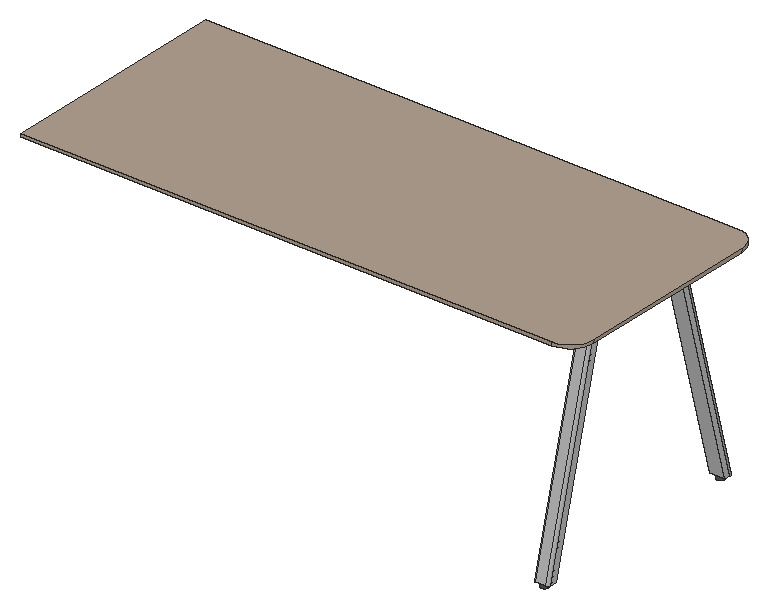
Revit family "Haworth_ActiveComponents_RectangleConvergentConferenceEnd_BUILD", category Furniture Systems, Revit 2015
Parameters (values of type "30d 72w")
  Worksurface Finish [instance] = Haworth _ Wood _ Light Maple VP-LM
  With Leg = yes
  Width = 72"
  Warranty = "https://www.haworth.com/resources/product-info/warranties"
  URL - Product = "https://www.haworth.com/products/workspaces/accessories/active-components"
  URL = "www.haworth.com"
  Thickness = 1 3/16"  # constant formula
  Radius = 3"  # constant formula
  Min. Width = 60"  # constant formula
  Min. Depth = 24"  # constant formula
  Max. Width = 72"  # constant formula
  Size = "Verify Final Dim. w/ Haworth"  # constant formula
  Revision Number = "1"  # constant formula
  Model = "WAYG"  # constant formula
  Max. Depth = 30"  # constant formula
  Manufacturer = "Haworth"  # constant formula
  Leg Finish [instance] = Haworth _ Paint _ Metallic Champagne
  Leg F/B Offset = 8"  # constant formula
  Description = "Haworth - Active Components - Rectangle Convergent Conference End"  # constant formula
  Depth = 30"
  Custom Size = not(and(or(Width = 60", Width = 72"), or(Depth = 24", Depth = 30")))  # no
  Author = "Haworth (Alias)"  # constant formula
  Assembly Code = "E2020200"
  Angled Leg Offset = 3 9/16"  # constant formula
  Actual Width = if(Width < Min. Width, Min. Width, if(Width > Max. Width, Max. Width, Width))  # 72"
  Actual Height = 29 3/16"  # constant formula
  Actual Depth = if(Depth < Min. Depth, Min. Depth, if(Depth > Max. Depth, Max. Depth, Depth))  # 30"
Types (4): name | Width | Depth | Actual Width | Actual Depth
  30d 72w | 72" | 30" | 72" | 30"
  30d 60w | 60" | 30" | 60" | 30"
  24d 72w | 72" | 24" | 72" | 24"
  24d 60w | 60" | 24" | 60" | 24"
Reference planes (in)
  plane 1: z = 0
  plane 2 "Center L/R": x = 17.5
  plane 3 "Left Edge": x = -18.5
  plane 4 "Support Top": z = 29.1875
  plane 5 "Center F/B": y = -7.86431
  plane 6 "Back": y = 7.13569
  plane 7 "Front": y = -22.86431
  plane 8 "Knife Edge": y = -20.86431
  plane 9 "Knife Edge Seam": z = 28.8125
  plane 10 "Right Edge": x = 53.5
  plane 11 "Knife Edge 2": x = 51.5
  plane 12: y = 5.13569
  plane 13: z = 28
  plane 14: y = -14.86431
  plane 15: y = -0.86431
  plane 16: x = 49.9375
Forms (in)
  Extrusion 1, solid, material "Haworth _ Wood _ Light Maple VP-LM" <- "Worksurface Finish"
    sketch origin (0, 0, 0) x (1, 0, 0) y (0, 1, 0)
      loop
        line (-18.5, 7.13569) -> (-18.5, -22.86431) -> (50.5, -22.86431)
        arc (50.5, -22.86431) -> (52.62132, -21.98563) -> (53.5, -19.86431) r 3
        line (53.5, -19.86431) -> (53.5, 4.13569)
        arc (53.5, 4.13569) -> (52.62132, 6.25701) -> (50.5, 7.13569) r 3
        line (50.5, 7.13569) -> (-18.5, 7.13569)
    from 28 to 29.1875
  Sweep 2, void
    path origin (0, 0, 0) x (1, 0, 0) y (0, 1, 0)
      loop
        line (-18.5, -20.86431) -> (50.5, -20.86431)
        arc (50.5, -20.86431) -> (51.20711, -20.57142) -> (51.5, -19.86431) r 1
        line (51.5, -19.86431) -> (51.5, 4.13569)
        arc (51.5, 4.13569) -> (51.20711, 4.8428) -> (50.5, 5.13569) r 1
        line (50.5, 5.13569) -> (-18.5, 5.13569)
    profile origin (16, -20.86431, 0) x (0, 1, 0) y (0, 0, 1)
      loop
        line (0, 28) -> (-2, 28.8125) -> (-2, 28) -> (0, 28)
Cuts and joins
  Sweep 2 cuts Extrusion 1
Lines and regions (in)
  Masking region 1
    outline origin (0, 0, 0) x (1, 0, 0) y (0, 1, 0)
      loop
        line (50.5, 7.13569) -> (-18.5, 7.13569) -> (-18.5, -22.86431) -> (50.5, -22.86431)
        arc (50.5, -22.86431) -> (52.62132, -21.98563) -> (53.5, -19.86431) r 3
        line (53.5, -19.86431) -> (53.5, 4.13569)
        arc (53.5, 4.13569) -> (52.62132, 6.25701) -> (50.5, 7.13569) r 3
Dimensions and locks (in)
  equal spacing: plane 7 "Front", plane 5 "Center F/B", plane 6 "Back"
  "Actual Depth": plane 7 "Front" to plane 6 "Back"
  locked: plane 4 "Support Top" to plane 9 "Knife Edge Seam" at 0.375
  "Actual Width": plane 3 "Left Edge" to plane 10 "Right Edge"
  locked: plane 11 "Knife Edge 2" to plane 10 "Right Edge" at 2
  locked: plane 7 "Front" to plane 8 "Knife Edge" at 2
  equal spacing: plane 3 "Left Edge", plane 2 "Center L/R", plane 10 "Right Edge"
  locked: plane 12 to plane 6 "Back" at 2
  "Actual Height": plane 4 "Support Top" to plane 1
  "Thickness": plane 13 to plane 4 "Support Top"
  "Leg F/B Offset": plane 15 to plane 6 "Back"
  "Leg F/B Offset": plane 14 to plane 7 "Front"
  "Angled Leg Offset": plane 16 to plane 10 "Right Edge"
  "Radius": radius of Masking region 1 sketch curve  (x2)
  "Radius": radius of Extrusion 1 sketch curve  (x2)
  aligned and locked: Extrusion 1 sketch curve to plane 3 "Left Edge"
  aligned and locked: Extrusion 1 sketch curve to plane 6 "Back"
  aligned and locked: Extrusion 1 sketch curve to plane 7 "Front"
  aligned and locked: Extrusion 1 sketch curve to plane 10 "Right Edge"
  aligned and locked: Sweep 2 sketch curve to plane 11 "Knife Edge 2"
  aligned and locked: plane 3 "Left Edge" to Sweep 2 sketch curve  (x2)
  aligned and locked: Sweep 2 sketch curve to plane 8 "Knife Edge"
  aligned and locked: plane 3 "Left Edge" to Masking region 1 sketch curve
  aligned and locked: plane 6 "Back" to Masking region 1 sketch curve
  aligned and locked: plane 10 "Right Edge" to Masking region 1 sketch curve
  aligned and locked: plane 7 "Front" to Masking region 1 sketch curve
  aligned and locked: plane 12 to Sweep 2 sketch curve
  aligned and locked: plane 4 "Support Top" to cut or joined group of Extrusion 1, Sweep 2
  aligned and locked: plane 13 to cut or joined group of Extrusion 1, Sweep 2
  aligned and locked: plane 7 "Front" to Sweep 2 sketch curve
  aligned and locked: plane 13 to Sweep 2 sketch curve
  aligned and locked: plane 9 "Knife Edge Seam" to Sweep 2 sketch curve
  aligned and locked: plane 1 to nested 1
  aligned and locked: nested 2 to plane 1
  aligned and locked: nested 1 to plane 14
  aligned and locked: plane 15 to nested 2
  aligned and locked: plane 16 to nested 2
  aligned and locked: nested 1 to plane 16
Automatic sketch dimensions
  plane 11 "Knife Edge 2" to Sweep 2 sketch curve = 1"
  Sweep 2 sketch curve to Sweep 2 sketch curve = 1"
  Sweep 2 sketch curve to profile plane = 0"
Nested families (in)
  nested 1: "Haworth_ActiveComponents_AngledLeg_BUILD" at (48.9375, -22.80012, 0), visible <- "With Leg", type "Angled Leg"
  nested 2: "Haworth_ActiveComponents_AngledLeg_BUILD" at (48.9375, 7.0715, 0), visible <- "With Leg", type "Angled Leg"
Definition of nested family "Haworth_ActiveComponents_AngledLeg_BUILD"
  Parameters (values of type "Angled Leg")
    Warranty = "https://www.haworth.com/resources/product-info/warranties"
    URL - Product = "https://www.haworth.com/products/workspaces/accessories/active-components"
    URL = "www.haworth.com"
    Trim Finish = none
    Revision = "1"  # constant formula
    Note = "Verify Final Dim. w/ Haworth"  # constant formula
    Model = "Haworth Active Components"  # constant formula
    Manufacturer = "Haworth"  # constant formula
    Leg Height = 28"  # constant formula
    Glide Finish = none
    Description = "Haworth Active Components - Angled Leg"  # constant formula
    Author = "Haworth (Alias)"  # constant formula
    Assembly Code = ""
  Reference planes (in)
    plane 1 "Front": y = 0
    plane 2 "Bottom": z = 0
    plane 3 "Center (Left/Right)": x = 0
    plane 4 "Glide End": z = 0.5
    plane 5 "Right": x = 1
    plane 6 "Left": x = -1
    plane 7: z = 28
    plane 8 "Back": y = 11.0625
    plane 9: z = 28
    plane 10: z = 27.764
    plane 11 "Top Middle": y = 7.93581
  Forms (in)
    Extrusion 1, solid, material <- "Glide Finish"
      sketch origin (0, 0, 0) x (1, 0, 0) y (0, 1, 0)
        loop
          circle (0, 0.625) r 0.5
      from 0 to 0.5
    Blend 2, solid, material <- "Trim Finish"
      base sketch origin (0, 0, 0) x (1, 0, 0) y (0, 1, 0)
        loop
          line (-0.625, 0) -> (0.625, 0)
          arc (0.625, 0) -> (0.89017, 0.10983) -> (1, 0.375) r 0.375
          line (1, 0.375) -> (1, 1.1875) -> (-1, 1.1875) -> (-1, 0.375)
          arc (-1, 0.375) -> (-0.89017, 0.10983) -> (-0.625, 0) r 0.375
      top sketch origin (0, 0, 0) x (1, 0, 0) y (0, 1, 0)
        loop
          line (-1, 8.52956) -> (-1, 7.71706)
          arc (-1, 7.71706) -> (-0.89017, 7.45189) -> (-0.625, 7.34206) r 0.375
          line (-0.625, 7.34206) -> (0.625, 7.34206)
          arc (0.625, 7.34206) -> (0.89017, 7.45189) -> (1, 7.71706) r 0.375
          line (1, 7.71706) -> (1, 8.52956) -> (-1, 8.52956)
      from 0.5 to 27.764
    Extrusion 3, solid, material <- "Trim Finish"
      sketch origin (0, 0, 0) x (1, 0, 0) y (0, 1, 0)
        loop
          arc (-3.39, 11.0625) -> (-3.65517, 10.95267) -> (-3.765, 10.6875) r 0.375
          line (-3.765, 10.6875) -> (-3.765, 7.43264)
          arc (-3.765, 7.43264) -> (-3.65517, 7.16748) -> (-3.39, 7.05764) r 0.375
          line (-3.39, 7.05764) -> (0.86, 7.05764)
          arc (0.86, 7.05764) -> (1.12517, 7.16748) -> (1.235, 7.43264) r 0.375
          line (1.235, 7.43264) -> (1.235, 10.6875)
          arc (1.235, 10.6875) -> (1.12517, 10.95267) -> (0.86, 11.0625) r 0.375
          line (0.86, 11.0625) -> (-3.39, 11.0625)
      from 27.764 to 28
  Lines and regions (in)
    Masking region 1, detail levels medium+fine
      outline origin (0, 0, 0) x (1, 0, 0) y (0, 1, 0)
        loop
          arc (-0.985, 0.40547) -> (-0.87035, 0.1231) -> (-0.5913, 0.00058) r 0.40505
          line (-0.5913, 0.00058) -> (0.57004, 0.00058)
          arc (0.57004, 0.00058) -> (0.86642, 0.1119) -> (0.985, 0.40544) r 0.39368
          line (0.985, 0.40544) -> (0.985, 8.52956) -> (-0.985, 8.52956) -> (-0.985, 0.40547)
    symbolic lines, detail levels medium+fine
      curve 1: line (-3.39, 7.05764, 0) -> (0.86, 7.05764, 0)
      curve 2: arc (0.86, 7.05764, 0) -> (1.12517, 7.16748, 0) -> (1.235, 7.43264, 0) r 0.375
      curve 3: line (1.235, 7.43264, 0) -> (1.235, 10.6875, 0)
      curve 4: arc (1.235, 10.6875, 0) -> (1.12517, 10.95267, 0) -> (0.86, 11.0625, 0) r 0.375
      curve 5: line (0.86, 11.0625, 0) -> (-3.39, 11.0625, 0)
      curve 6: arc (-3.39, 11.0625, 0) -> (-3.65517, 10.95267, 0) -> (-3.765, 10.6875, 0) r 0.375
      curve 7: line (-3.765, 10.6875, 0) -> (-3.765, 7.43264, 0)
      curve 8: arc (-3.765, 7.43264, 0) -> (-3.65517, 7.16748, 0) -> (-3.39, 7.05764, 0) r 0.375
  Dimensions and locks (in)
    level to plane 4 "Glide End" = 1/2"
    locked: plane 4 "Glide End" to plane 2 "Bottom" at 0.5
    "Leg Height": plane 7 to plane 2 "Bottom"
    equal spacing: plane 6 "Left", plane 3 "Center (Left/Right)", plane 5 "Right"
    locked: plane 6 "Left" to plane 5 "Right" at 2
    locked: plane 1 "Front" to plane 8 "Back" at 11.0625
    locked: plane 1 "Front" to Extrusion 1 sketch curve at 0.625
    locked: Blend 2 sketch curve to plane 1 "Front" at 1.1875
    locked: Blend 2 sketch curve to plane 8 "Back" at 2.53294
    locked: Blend 2 sketch curve to Blend 2 sketch curve at 1.1875
    locked: plane 9 to plane 10 at 0.236
    locked: Extrusion 3 sketch curve to Extrusion 3 sketch curve at 4.00486
    locked: plane 5 "Right" to Extrusion 3 sketch curve at 0.235
    locked: Extrusion 3 sketch curve to plane 6 "Left" at 2.765
    aligned and locked: Extrusion 1 to plane 2 "Bottom"
    aligned and locked: Extrusion 1 to plane 4 "Glide End"
    aligned and locked: plane 5 "Right" to Blend 2 sketch curve
    aligned and locked: plane 6 "Left" to Blend 2 sketch curve
    aligned and locked: Blend 2 sketch curve to plane 6 "Left"
    aligned and locked: Blend 2 sketch curve to plane 5 "Right"
    aligned and locked: plane 4 "Glide End" to Blend 2
    aligned and locked: plane 3 "Center (Left/Right)" to Extrusion 1 sketch curve
    aligned and locked: plane 1 "Front" to Blend 2 sketch curve
    aligned and locked: plane 10 to Blend 2
    aligned and locked: Extrusion 3 sketch curve to plane 8 "Back"
    aligned and locked: plane 9 to Extrusion 3
    aligned and locked: Extrusion 3 to plane 10
  Automatic sketch dimensions
    Blend 2 sketch curve to plane 6 "Left" = 3/8"  (x2)
    Blend 2 sketch curve to plane 5 "Right" = 3/8"  (x2)
    Extrusion 3 sketch curve to Extrusion 3 sketch curve = 3/8"
    Extrusion 3 sketch curve to plane 8 "Back" = 3/8"
    Extrusion 3 sketch curve to plane 5 "Right" = 0.14"  (x2)
    Masking region 1 sketch curve to plane 6 "Left" = 0.015"
    Masking region 1 sketch curve to plane 1 "Front" = 0.00058"
    Masking region 1 sketch curve to plane 6 "Left" = 0.4087"
    Masking region 1 sketch curve to Masking region 1 sketch curve = 0.40505"
    Masking region 1 sketch curve to plane 5 "Right" = 0.42996"
    Masking region 1 sketch curve to Masking region 1 sketch curve = 0.02145"
    Masking region 1 sketch curve to plane 5 "Right" = 0.015"
    Masking region 1 sketch curve to plane 1 "Front" = 0.39368"
    Masking region 1 sketch curve to plane 11 "Top Middle" = 19/32"
    curve 6 to plane 8 "Back" = 0"
    curve 7 to plane 8 "Back" = 3/8"
    plane 6 "Left" to curve 7 = 2.765"
    curve 7 to curve 8 = 3/8"
    curve 1 to plane 5 "Right" = 0.14"
    curve 4 to plane 5 "Right" = 0.14"
    plane 5 "Right" to curve 3 = 0.235"
    plane 11 "Top Middle" to curve 2 = 0.50317"
    radius of Extrusion 1 sketch curve = 1/2"
